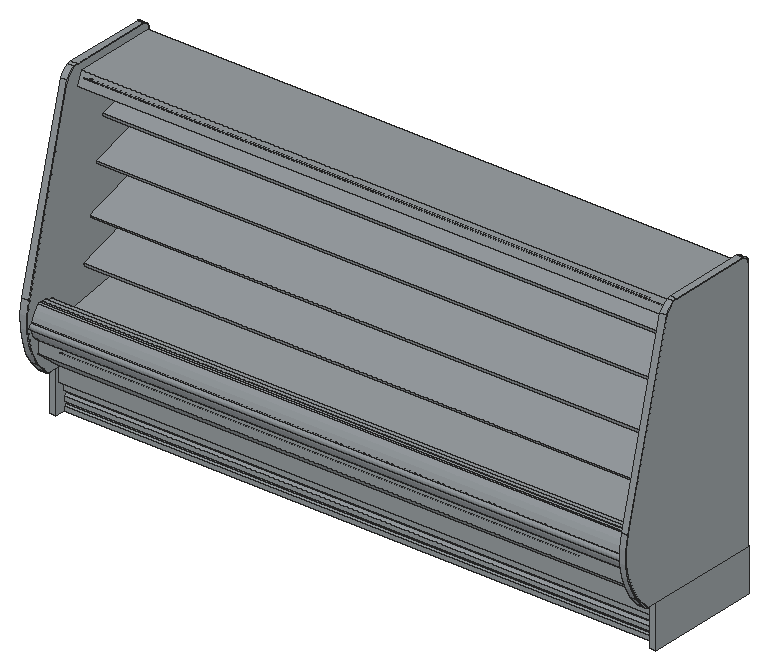
Revit family "ON5UM", category Mechanical Equipment, Revit 2019
Family settings
  Round Connector Dimension = Use Radius
  Part Type = Normal
  OmniClass Number = 23.40.40.11.17
  OmniClass Title = Refrigerated Cases
  Work Plane-Based = Yes
  Always vertical = Yes
  Cut with Voids When Loaded = No
  Shared = No
  Room Calculation Point = No
Parameters (values of type "12'")
  Width = 35 7/8"  # constant formula
  URL = "http://www.hillphoenix.com/?s=on5um"
  TOP REFRIGERATION PIPING = yes
  TOP ELECTRICAL = yes
  TOEKICK [instance] = BLACK PAINTED METAL
  Standard Power Watts = 35.7 W
  Standard Power Amps = 0.3 A
  STAINLESS STEEL = GALVANIZED STEEL
  Refgn = 8 5/8"
  RT STD END = yes
  REFRIGERATION PIPING = COPPER PIPE
  RUBBER BUMPER [instance] = BLACK
  REAR REFRIGERATION PIPING = yes
  PAINTED METAL UPPER SHELF = PAINTED SHELVES
  PAINTED METAL INTERIOR [instance] = GALVANIZED STEEL
  PAINTED METAL EXTERIOR [instance] = CHARCOAL BROWN
  Model = "ON5UM-NRG"  # constant formula
  Manufacturer = "HILL PHOENIX"  # constant formula
  Lights Per Row = 3
  Light Length = "48\""
  Length = 144"
  Legend Number = Model  # "ON5UM-NRG"
  LF STD END = yes
  Keynote = ""  # constant formula
  Item Description = Description  # "Narrow Multi-Deck Merchandiser with Synerg-E™"
  Island Timed-Off Termination Temp (°F) = 45 °F  # constant formula
  Island Timed-Off Fail-Safe (Min) = "45 (Min)"  # constant formula
  Island Superheat @ Bulb Set Point (°F) = "6-8 °F"  # constant formula
  Island Run-Off Time (Min) = "6-8 (Min)"  # constant formula
  Island Hot Gas Termination Temp (F°) = 45 °F  # constant formula
  Island Hot Gas Fail-Safe (Min) = "26 (Min)"  # constant formula
  Island High Efficiency Fans Watts = 52 W
  Island High Efficiency Fans Amps = 0.8 A
  Island Fans Per Case = 4
  Island Evaporator (°F) = 22 °F  # constant formula
  Island Electric Termination Temp (F°) = 47 °F  # constant formula
  Island Electric Fail-Safe = "40 (Min)"  # constant formula
  Island Discharge Air(°F) = 31 °F  # constant formula
  Island Discharge Air Velocity (FPM) = 240 FPM  # constant formula
  Island BTUH Parallel = 1093  # constant formula
  Island BTUH Conventional = 1179  # constant formula
  Island Anti-Condensate Heaters Watts = 46 W
  Island Anti-Condensate Heaters Amps = 0.38 A
  Island 240 Defrost Heaters Watts = 1600 W
  Island 240 Defrost Heaters Amps = 6.67 A
  Island 208V Defrost Heaters Watts = 1200 A
  Island 208V Defrost Heaters Amps = 5.77 A
  Island  Case Length = 144"
  How Many Defrosts Per Day = 3  # constant formula
  High Power (Cornice) Watts = 64.5 W
  High Power (Cornice) Amps = 0.54 A
  Height = 66 1/4"  # constant formula
  GLASS = Glass
  EQUIPMENT MARK = Legend Number  # "ON5UM-NRG"
  EQUIPMENT DESCRIPTION = Item Description  # "Narrow Multi-Deck Merchandiser with Synerg-E™"
  Description = "Narrow Multi-Deck Merchandiser with Synerg-E™"  # constant formula
  Default Elevation = 48"
  DRAIN PIPING = yes
  DESIGNERS NAME = "SHIDDRAMESH"  # constant formula
  DATE = "04/01/2016"  # constant formula
  Certifications = "NSF 7, UL471, CSA"  # constant formula
  DRAIN LINE = 72"
  BOTTOM REFRIGERATION PIPING = yes
  BOTTOM ELECTRICAL = yes
  BASE [instance] = BLACK PAINTED METAL
  Assembly Code = ""
  16" Shelf = yes
  14" Shelf = yes
  12" Shelf = yes
  10" Shelf = yes
Types (4): name | Standard Power Watts | Standard Power Amps | Refgn | Lights Per Row | Light Length | Length | Island High Efficiency Fans Watts | Island High Efficiency Fans Amps | Island Fans Per Case | Island Anti-Condensate Heaters Watts | Island Anti-Condensate Heaters Amps | Island 240 Defrost Heaters Watts | Island 240 Defrost Heaters Amps | Island 208V Defrost Heaters Watts | Island 208V Defrost Heaters Amps | Island  Case Length | High Power (Cornice) Watts | High Power (Cornice) Amps | DRAIN LINE
  04' | 11.9 W | 0.1 A | 7 5/8" | 1 | "48\"" | 48" | 28 W | 0.4 A | 2 | 17 W | 0.14 A | 532 W | 2.22 A | 400 A | 1.92 A | 48" | 21.5 W | 0.18 A | 24"
  06' | 16.6 W | 0.14 A | 8 5/8" | 2 | "36\"" | 72" | 28 W | 0.4 A | 2 | 24 W | 0.2 A | 798 W | 3.33 A | 600 A | 2.88 A | 72" | 29.8 W | 0.25 A | 36"
  08' | 23.8 W | 0.2 A | 8 5/8" | 2 | "48\"" | 96" | 42 W | 0.6 A | 3 | 30 W | 0.25 A | 1065 W | 4.44 A | 800 A | 3.85 A | 96" | 43 W | 0.36 A | 48"
  12' | 35.7 W | 0.3 A | 8 5/8" | 3 | "48\"" | 144" | 52 W | 0.8 A | 4 | 46 W | 0.38 A | 1600 W | 6.67 A | 1200 A | 5.77 A | 144" | 64.5 W | 0.54 A | 72"
Reference planes (in)
  plane 1: z = 0.01963
  plane 2 "LEFT": x = 0
  plane 3 "CASE RIGHT": x = 144
  plane 4: z = 0
  plane 5: y = -15.80744
  plane 6: x = 145.5
  plane 7: x = 72
  plane 8: y = -51.68244
  plane 9: x = 136.875
  plane 10: z = 22.875
  plane 11: through (-240, -38.71034, 70.23085) normal (0, 0.5736, 0.8192)
  plane 12: through (-240, -61.36661, 37.87435) normal (0, 0.5736, 0.8192)
  plane 13: z = 22.28269
Forms (in)
  Extrusion 1, solid, material "BLACK PAINTED METAL" <- "BASE"
    sketch origin (0, 0, 0) x (0, 1, 0) y (0, 0, 1)
      loop
        line (-15.80744, 0) -> (-15.80744, 11) -> (-40.18244, 11) -> (-40.18244, 0) -> (-38.29546, 0) -> (-38.29546, 1.81425) -> (-17.58744, 1.81425) -> (-17.58744, 0) -> (-15.80744, 0)
    from 0 to 144
  Extrusion 2, solid, material "CHARCOAL BROWN" <- "PAINTED METAL EXTERIOR"
    sketch origin (0, 0, 5.875) x (0, 1, 0) y (0, 0, 1)
      loop
        line (-17.80744, 65.10084) -> (-17.80744, 8.28468) -> (-35.87632, 7.6537) -> (-37.32152, 6.44605) -> (-37.37026, 6.44435) -> (-37.87066, 6.0536) -> (-40.24421, 5.97072) -> (-40.77065, 6.32561) -> (-40.81939, 6.32391) -> (-42.34318, 7.42625) -> (-42.58615, 7.41777) -> (-46.91613, 11.05105) -> (-46.91613, 15.37312) -> (-48.92433, 15.37312) -> (-48.92433, 10.07189) -> (-43.02886, 5.125) -> (-15.80744, 5.125) -> (-15.80744, 65.10084) -> (-17.80744, 65.10084)
    from 0 to 144
  Extrusion 3, solid, material "GALVANIZED STEEL" <- "PAINTED METAL INTERIOR"
    sketch origin (0, 0, 5.875) x (0, 1, 0) y (0, 0, 1)
      loop
        line (-17.80744, 16.47019) -> (-19.87458, 16.47019) -> (-19.87458, 18.52489)
        arc (-19.87458, 18.52489) -> (-20.0089, 18.18389) -> (-20.3397, 18.02611) r 0.5
        line (-20.3397, 18.02611) -> (-23.58275, 17.79933) -> (-23.6019, 18.07313) -> (-42.46883, 14.86147) -> (-44.75933, 14.86147) -> (-44.75933, 20.25298)
        arc (-44.75933, 20.25298) -> (-44.85072, 20.4736) -> (-45.07133, 20.56498) r 0.312
        line (-45.07133, 20.56498) -> (-46.77779, 20.56498) -> (-46.77779, 21.02144)
        arc (-46.77779, 21.02144) -> (-46.8144, 21.10983) -> (-46.90279, 21.14644) r 0.125
        line (-46.90279, 21.14644) -> (-47.73779, 21.14644) -> (-47.73779, 15.40325) -> (-46.91613, 15.40325) -> (-46.91613, 11.05105) -> (-42.58615, 7.41777) -> (-42.34318, 7.42625) -> (-40.81939, 6.32391) -> (-40.77065, 6.32561) -> (-40.24421, 5.97072) -> (-37.87066, 6.0536) -> (-37.37026, 6.44435) -> (-37.32152, 6.44605) -> (-35.87632, 7.6537) -> (-17.80744, 8.28468) -> (-17.80744, 16.47019)
    from 0 to 144
  Extrusion 4, solid, material "GALVANIZED STEEL" <- "PAINTED METAL INTERIOR"
    sketch origin (0, 0, 6.4375) x (0, 1, 0) y (0, 0, 1)
      loop
        line (-17.80744, 62.74204) -> (-19.87458, 62.74204) -> (-19.87458, 15.90769) -> (-17.80744, 15.90769) -> (-17.80744, 62.74204)
    from 0 to 144
  Extrusion 5, solid, material "CHARCOAL BROWN" <- "PAINTED METAL EXTERIOR", visible <- "TOP REFRIGERATION PIPING"
    sketch origin (0, 0.25, 5.875) x (1, 0, 0) y (0, 1, 0)
      loop
        line (140, -15.80744) -> (140, -12.80744) -> (129, -12.80744) -> (129, -15.80744) -> (129.125, -15.80744) -> (129.125, -12.93244) -> (139.875, -12.93244) -> (139.875, -15.80744) -> (140, -15.80744)
    from 20.57529 to 61.3019
  Extrusion 6, solid, material "GALVANIZED STEEL" <- "PAINTED METAL INTERIOR"
    sketch origin (0, -10.11353, -0.05412) x (0, 1, 0) y (0, 0, 1)
      loop
        line (-30.06891, 0.05412) -> (-30.06891, 11.05412) -> (-32.77196, 11.05412) -> (-32.77196, 7.23889) -> (-30.08446, 7.23889) -> (-30.24239, 6.73349)
        arc (-30.24239, 6.73349) -> (-30.55316, 6.24548) -> (-31.06756, 5.98067) r 1.10792
        line (-31.06756, 5.98067) -> (-31.06756, 4.6556) -> (-30.97364, 4.6556) -> (-30.09369, 4.8341) -> (-30.34859, 4.01842)
        arc (-30.34859, 4.01842) -> (-30.55086, 3.64915) -> (-30.88006, 3.38665) r 1.06887
        line (-30.88006, 3.38665) -> (-30.88006, 2.27293) -> (-30.78706, 2.27293) -> (-30.1903, 2.38689) -> (-30.44836, 1.57046)
        arc (-30.44836, 1.57046) -> (-30.58234, 1.29018) -> (-30.78845, 1.05774) r 1.11497
        line (-30.78845, 1.05774) -> (-30.78845, 0.05412) -> (-30.06891, 0.05412)
    from 0 to 144
  Extrusion 7, solid, material "CHARCOAL BROWN" <- "PAINTED METAL EXTERIOR"
    sketch origin (0, -14.13723, 5.82088) x (0, 1, 0) y (0, 0, 1)
      loop
        line (-33.60056, 21.20056) -> (-34.43556, 21.20056)
        arc (-34.43556, 21.20056) -> (-34.66362, 21.15746) -> (-34.86022, 21.03413) r 0.625
        arc (-34.86022, 21.03413) -> (-36.09525, 19.51822) -> (-36.86281, 17.71985) r 7
        arc (-36.86281, 17.71985) -> (-36.21092, 17.02708) -> (-36.88433, 16.35521) r 0.68269
        arc (-36.88433, 16.35521) -> (-36.46581, 15.01213) -> (-35.68972, 13.83879) r 5
        arc (-35.68972, 13.83879) -> (-35.60258, 13.78427) -> (-35.50157, 13.76522) r 0.2774
        line (-35.50157, 13.76522) -> (-34.7871, 13.76522) -> (-34.7871, 15.42724) -> (-33.60056, 15.42724) -> (-33.60056, 21.20056)
    from 0 to 144
  Extrusion 8, solid, material "GALVANIZED STEEL" <- "PAINTED METAL INTERIOR", visible <- "16" Shelf"
    sketch origin (0, 0, 23.37806) x (0, 1, 0) y (0, 0, 1)
      loop
        line (-19.87458, 10.97456) -> (-35.17546, 6.29661) -> (-34.97675, 5.64666) -> (-29.06549, 7.45391) -> (-28.88016, 7.23614) -> (-23.44344, 8.18063)
        arc (-23.44344, 8.18063) -> (-22.75154, 8.20354) -> (-22.07989, 8.03583) r 2.5
        line (-22.07989, 8.03583) -> (-21.2155, 7.68697)
        arc (-21.2155, 7.68697) -> (-20.97081, 7.62273) -> (-20.71783, 7.62194) r 1
        line (-20.71783, 7.62194) -> (-19.87458, 7.89551) -> (-19.87458, 10.97456)
    from 0 to 144
  Extrusion 9, solid, material "GALVANIZED STEEL" <- "PAINTED METAL INTERIOR", visible <- "10" Shelf"
    sketch origin (0, -0.13279, 9.4183) x (0, 1, 0) y (0, 0, 1)
      loop
        line (-19.74179, 50.10814) -> (-19.74179, 53.19798) -> (-29.30484, 50.27427) -> (-29.10613, 49.62432) -> (-26.96623, 50.27855) -> (-26.70902, 49.97633) -> (-23.31065, 50.40406)
        arc (-23.31065, 50.40406) -> (-22.61875, 50.42697) -> (-21.9471, 50.25926) r 2.5
        line (-21.9471, 50.25926) -> (-21.09387, 49.9149)
        arc (-21.09387, 49.9149) -> (-20.75455, 49.84284) -> (-20.41102, 49.89103) r 1
        line (-20.41102, 49.89103) -> (-19.74179, 50.10814)
    from 0 to 144
  Extrusion 10, void
    sketch origin (0, -15.80744, -12.05696) x (0, 0, 1) y (1, 0, 0)
      loop
        circle (24.5, 140) r 2
    from 0 to -1.78
  Extrusion 11, solid, material "CHARCOAL BROWN" <- "PAINTED METAL EXTERIOR", visible <- "LF STD END"
    sketch origin (17.5, 0, 5.875) x (0, 1, 0) y (0, 0, 1)
      loop
        line (-15.45824, 4.5) -> (-15.45824, 66.26353)
        arc (-15.45824, 66.26353) -> (-15.656, 66.99638) -> (-16.19558, 67.53027) r 1.45679
        arc (-16.19558, 67.53027) -> (-16.45028, 67.63419) -> (-16.72308, 67.66961) r 1.0681
        line (-16.72308, 67.66961) -> (-36.84798, 67.66961)
        arc (-36.84798, 67.66961) -> (-37.27261, 67.62333) -> (-37.6773, 67.48665) r 1.9711
        arc (-37.6773, 67.48665) -> (-38.90556, 66.75581) -> (-39.77293, 65.61983) r 3.7651
        line (-39.77293, 65.61983) -> (-51.4409, 23.04818)
        arc (-51.4409, 23.04818) -> (-51.78781, 15.10614) -> (-48.74606, 7.76148) r 18.36611
        arc (-48.74606, 7.76148) -> (-47.44773, 6.3049) -> (-46.0658, 4.92738) r 33.08804
        arc (-46.0658, 4.92738) -> (-45.73229, 4.73442) -> (-45.37071, 4.60129) r 2.24674
        line (-45.37071, 4.60129) -> (-45.37071, 4.5) -> (-15.45824, 4.5)
    from -17.5 to -19
  Extrusion 12, solid, material "GALVANIZED STEEL" <- "PAINTED METAL INTERIOR", visible <- "LF STD END"
    sketch origin (17.5, 0, 5.875) x (0, 1, 0) y (0, 0, 1)
      loop
        arc (-46.77263, 5.17394) -> (-46.14117, 4.62917) -> (-45.37071, 4.30995) r 2.62517
        line (-45.37071, 4.30995) -> (-45.37071, 4.60129)
        arc (-45.37071, 4.60129) -> (-45.73189, 4.73448) -> (-46.06503, 4.92737) r 2.24685
        arc (-46.06503, 4.92737) -> (-47.44923, 6.30726) -> (-48.74954, 7.76646) r 33.0878
        arc (-48.74954, 7.76646) -> (-51.78834, 15.10914) -> (-51.4409, 23.04818) r 18.36611
        line (-51.4409, 23.04818) -> (-39.77293, 65.61983)
        arc (-39.77293, 65.61983) -> (-38.90556, 66.75581) -> (-37.6773, 67.48665) r 3.7651
        arc (-37.6773, 67.48665) -> (-37.27261, 67.62333) -> (-36.84798, 67.66961) r 1.9711
        line (-36.84798, 67.66961) -> (-16.59798, 67.66961)
        arc (-16.59798, 67.66961) -> (-15.73367, 67.19612) -> (-15.30276, 66.30982) r 1.62265
        line (-15.30276, 66.30982) -> (-15.30276, 4.5) -> (-15.20824, 4.5) -> (-15.20824, 66.16186)
        arc (-15.20824, 66.16186) -> (-15.48651, 67.06851) -> (-16.15521, 67.74105) r 1.97576
        arc (-16.15521, 67.74105) -> (-16.46189, 67.87413) -> (-16.79309, 67.91961) r 1.22865
        line (-16.79309, 67.91961) -> (-36.84798, 67.91961)
        arc (-36.84798, 67.91961) -> (-37.32099, 67.86866) -> (-37.7723, 67.71814) r 2.2211
        arc (-37.7723, 67.71814) -> (-39.08936, 66.92679) -> (-40.01274, 65.69867) r 4.0151
        line (-40.01274, 65.69867) -> (-51.756, 22.85234)
        arc (-51.756, 22.85234) -> (-52.07853, 14.86699) -> (-48.86426, 7.55) r 17.74454
        line (-48.86426, 7.55) -> (-46.77263, 5.17394)
    from -17.5 to -19
  Extrusion 13, solid, material "GALVANIZED STEEL" <- "PAINTED METAL INTERIOR", visible <- "LF STD END"
    sketch origin (17.5, 0, 0) x (0, 1, 0) y (0, 0, 1)
      loop
        line (-43.30744, 10.375) -> (-43.30744, 0) -> (-15.20824, 0) -> (-15.20824, 10.375) -> (-43.30744, 10.375)
    from -17.5 to -19
  Extrusion 14, solid, material "GALVANIZED STEEL" <- "PAINTED METAL INTERIOR"
    sketch origin (0, 0, 5.87313) x (0, 1, 0) y (0, 0, 1)
      loop
        arc (-51.0083, 17.66793) -> (-51.66853, 16.9856) -> (-51.0083, 16.30328) r 0.68269
        arc (-51.0083, 16.30328) -> (-50.34807, 16.9856) -> (-51.0083, 17.66793) r 0.68269
    from 0 to 144
  Extrusion 15, solid, material "GALVANIZED STEEL" <- "PAINTED METAL INTERIOR", visible <- "12" Shelf"
    sketch origin (0, -0.13622, 37.17413) x (0, 1, 0) y (0, 0, 1)
      loop
        line (-19.73836, 16.5557) -> (-31.21401, 13.04724) -> (-31.01531, 12.39729) -> (-28.92926, 13.03506) -> (-28.74393, 12.81728) -> (-23.30721, 13.76177)
        arc (-23.30721, 13.76177) -> (-22.61532, 13.78468) -> (-21.94366, 13.61697) r 2.5
        line (-21.94366, 13.61697) -> (-21.10741, 13.27947)
        arc (-21.10741, 13.27947) -> (-20.76809, 13.2074) -> (-20.42456, 13.25559) r 1
        line (-20.42456, 13.25559) -> (-19.73836, 13.47821) -> (-19.73836, 16.5557)
    from 0 to 144
  Extrusion 16, solid, material "GALVANIZED STEEL" <- "PAINTED METAL INTERIOR", visible <- "RT STD END"
    sketch origin (132.5, 0, 0) x (0, 1, 0) y (0, 0, 1)
      loop
        line (-43.30744, 10.375) -> (-43.30744, 0) -> (-15.18244, 0) -> (-15.18244, 10.375) -> (-43.30744, 10.375)
    from 13 to 11.5
  Extrusion 17, solid, material "GALVANIZED STEEL" <- "PAINTED METAL INTERIOR", visible <- "14" Shelf"
    sketch origin (0, -0.13622, 26.90359) x (0, 1, 0) y (0, 0, 1)
      loop
        line (-19.73836, 16.5557) -> (-33.12662, 12.46249) -> (-32.92792, 11.81254) -> (-28.92926, 13.03506) -> (-28.74393, 12.81728) -> (-23.30721, 13.76177)
        arc (-23.30721, 13.76177) -> (-22.61532, 13.78468) -> (-21.94366, 13.61697) r 2.5
        line (-21.94366, 13.61697) -> (-21.10741, 13.27947)
        arc (-21.10741, 13.27947) -> (-20.76809, 13.2074) -> (-20.42456, 13.25559) r 1
        line (-20.42456, 13.25559) -> (-19.73836, 13.47821) -> (-19.73836, 16.5557)
    from 0 to 144
  Extrusion 18, solid
    sketch origin (0, -37.00242, 26.63466) x (0, 0.920505, -0.390731) y (0, 0.390731, 0.920505)
      loop
        circle (-12.89677, 40.86917) r 0.5
      loop
        circle (-14.74404, 40.92642) r 0.5
    from 0 to 144
  Extrusion 19, solid, material "CHARCOAL BROWN" <- "PAINTED METAL EXTERIOR"
    sketch origin (0, -0.00237, 28.61713) x (0, 1, 0) y (0, 0, 1)
      loop
        line (-37.01862, 40.43083) -> (-36.66035, 40.17996) -> (-35.69456, 42.48992) -> (-31.10031, 40.94778) -> (-31.07074, 41.01119) -> (-31.14581, 41.04281) -> (-30.75769, 41.96441) -> (-27.07126, 40.41192) -> (-27.45939, 39.49031) -> (-27.65653, 39.57334) -> (-27.67763, 39.51791) -> (-27.31406, 39.36479) -> (-26.96109, 40.22807) -> (-19.87221, 40.22807) -> (-19.87221, 40.56242) -> (-17.80376, 40.56242) -> (-17.80376, 42.35872) -> (-15.80506, 42.35872) -> (-15.80506, 43.3824) -> (-35.80676, 43.3824) -> (-37.01862, 40.43083)
    from 0 to 144
  Extrusion 20, solid, material "GALVANIZED STEEL" <- "PAINTED METAL INTERIOR", visible <- "LF STD END"
    sketch origin (70, 0, 5.875) x (0, 1, 0) y (0, 0, 1)
      loop
        line (-15.20824, 4.5) -> (-15.20824, 66.26353)
        arc (-15.20824, 66.26353) -> (-15.43994, 67.12215) -> (-16.07212, 67.74765) r 1.70679
        arc (-16.07212, 67.74765) -> (-16.38643, 67.87589) -> (-16.72308, 67.91961) r 1.3181
        line (-16.72308, 67.91961) -> (-36.84798, 67.91961)
        arc (-36.84798, 67.91961) -> (-37.32099, 67.86866) -> (-37.7723, 67.71814) r 2.2211
        arc (-37.7723, 67.71814) -> (-39.08936, 66.92679) -> (-40.01274, 65.69867) r 4.0151
        line (-40.01274, 65.69867) -> (-51.756, 22.85234)
        arc (-51.756, 22.85234) -> (-52.07853, 14.86699) -> (-48.86426, 7.55) r 17.74454
        line (-48.86426, 7.55) -> (-46.77348, 5.17382)
        arc (-46.77348, 5.17382) -> (-46.14306, 4.62987) -> (-45.37399, 4.31073) r 2.62497
        line (-45.37399, 4.31073) -> (-45.37399, 4.60219)
        arc (-45.37399, 4.60219) -> (-45.73383, 4.73515) -> (-46.0658, 4.92738) r 2.24674
        arc (-46.0658, 4.92738) -> (-47.44773, 6.3049) -> (-48.74606, 7.76148) r 33.08804
        arc (-48.74606, 7.76148) -> (-51.78781, 15.10614) -> (-51.4409, 23.04818) r 18.36611
        line (-51.4409, 23.04818) -> (-39.77293, 65.61983)
        arc (-39.77293, 65.61983) -> (-38.90556, 66.75581) -> (-37.6773, 67.48665) r 3.7651
        arc (-37.6773, 67.48665) -> (-37.27261, 67.62333) -> (-36.84798, 67.66961) r 1.9711
        line (-36.84798, 67.66961) -> (-16.72308, 67.66961)
        arc (-16.72308, 67.66961) -> (-16.45028, 67.63419) -> (-16.19558, 67.53027) r 1.0681
        arc (-16.19558, 67.53027) -> (-15.656, 66.99638) -> (-15.45824, 66.26353) r 1.45679
        line (-15.45824, 66.26353) -> (-15.45824, 4.5) -> (-15.20824, 4.5)
    from 75.5 to 74
  Extrusion 21, solid, material "CHARCOAL BROWN" <- "PAINTED METAL EXTERIOR", visible <- "LF STD END"
    sketch origin (79.25, 0, 5.875) x (0, 1, 0) y (0, 0, 1)
      loop
        line (-15.45824, 4.5) -> (-15.45824, 66.26353)
        arc (-15.45824, 66.26353) -> (-15.656, 66.99638) -> (-16.19558, 67.53027) r 1.45679
        arc (-16.19558, 67.53027) -> (-16.45028, 67.63419) -> (-16.72308, 67.66961) r 1.0681
        line (-16.72308, 67.66961) -> (-36.84798, 67.66961)
        arc (-36.84798, 67.66961) -> (-37.27261, 67.62333) -> (-37.6773, 67.48665) r 1.9711
        arc (-37.6773, 67.48665) -> (-38.90556, 66.75581) -> (-39.77293, 65.61983) r 3.7651
        line (-39.77293, 65.61983) -> (-51.4409, 23.04818)
        arc (-51.4409, 23.04818) -> (-51.78781, 15.10614) -> (-48.74606, 7.76148) r 18.36611
        arc (-48.74606, 7.76148) -> (-47.44773, 6.3049) -> (-46.0658, 4.92738) r 33.08804
        arc (-46.0658, 4.92738) -> (-45.73229, 4.73442) -> (-45.37071, 4.60129) r 2.24674
        line (-45.37071, 4.60129) -> (-45.37071, 4.5) -> (-15.45824, 4.5)
    from 66.25 to 64.75
  Extrusion 22, solid
    sketch origin (0, -34.26178, 25.41445) x (0, 0.920505, -0.390731) y (0, 0.390731, 0.920505)
      loop
        line (-14.40598, 41.907) -> (-10.40599, 41.91832) -> (-10.40882, 42.91831) -> (-14.40881, 42.907) -> (-14.40598, 41.907)
    from 0 to 144
Cuts and joins
  Extrusion 10 cuts Extrusion 2
  Extrusion 10 cuts Extrusion 5
Dimensions and locks (in)
  "Length": plane 2 "LEFT" to plane 3 "CASE RIGHT"
  "DRAIN LINE": plane 2 "LEFT" to plane 7
  locked: plane 3 "CASE RIGHT" to plane 6 at 1.5
  "Width": plane 5 to plane 8
  "Refgn": plane 9 to plane 6
  locked: plane 3 "CASE RIGHT" to Extrusion 10 sketch curve at 4
  locked: Extrusion 21 to Extrusion 21 at 1.5
  Extrusion 13 to Extrusion 7 = 27.02144"
  Extrusion 4 to Extrusion 3 = 24.88475"
  Extrusion 13 to cut or joined group of Extrusion 2, Extrusion 10 = 11"
  Extrusion 1 to Extrusion 6 = 25.09454"
  Extrusion 1 to Extrusion 6 = 24 3/8"
  plane 10 to level = 22 7/8"
  Extrusion 13 to Extrusion 19 = 71.99953"
  plane 13 to Extrusion 19 = 46 9/16"
  Extrusion 19 to Extrusion 19 = 20.00169"
  Extrusion 8 to Extrusion 8 = 16"
  Extrusion 17 to Extrusion 17 = 14"
  Extrusion 15 to Extrusion 15 = 12"
  Extrusion 9 to Extrusion 9 = 10"
  plane 11 to plane 12 = 39 1/2"
  aligned and locked: plane 3 "CASE RIGHT" to Extrusion 4
  aligned and locked: plane 3 "CASE RIGHT" to Extrusion 3
  aligned and locked: plane 3 "CASE RIGHT" to Extrusion 2
  aligned and locked: plane 3 "CASE RIGHT" to Extrusion 1
  aligned and locked: Extrusion 7 to Extrusion 6
  aligned and locked: plane 3 "CASE RIGHT" to Extrusion 7
  aligned and locked: plane 3 "CASE RIGHT" to Extrusion 8
  aligned and locked: plane 3 "CASE RIGHT" to Extrusion 9
  aligned and locked: plane 3 "CASE RIGHT" to Extrusion 14
  aligned and locked: Extrusion 16 to plane 3 "CASE RIGHT"
  aligned and locked: plane 6 to Extrusion 16
  aligned and locked: plane 3 "CASE RIGHT" to Extrusion 15
  aligned and locked: plane 3 "CASE RIGHT" to Extrusion 17
  aligned and locked: Extrusion 20 to plane 6
  aligned and locked: Extrusion 20 to plane 3 "CASE RIGHT"
  aligned and locked: Extrusion 21 to plane 3 "CASE RIGHT"
  aligned and locked: plane 3 "CASE RIGHT" to Extrusion 19
  aligned and locked: Extrusion 18 to Extrusion 20
  aligned and locked: Extrusion 11 to Extrusion 13 sketch curve
  aligned and locked: plane 3 "CASE RIGHT" to Extrusion 22
Automatic sketch dimensions
  Extrusion 1 sketch curve to level = 0"  (x4)
  Extrusion 1 sketch curve to plane 5 = 0"
  plane 5 to Extrusion 1 sketch curve = 1.78"
  plane 1 to Extrusion 1 sketch curve = 1.79462"
  Extrusion 1 sketch curve to plane 8 = 13.38698"
  Extrusion 1 sketch curve to Extrusion 1 sketch curve = 1.88698"
  Extrusion 1 sketch curve to Extrusion 1 sketch curve = 9.18575"
  Extrusion 2 sketch curve to plane 5 = 0"
  plane 5 to Extrusion 2 sketch curve = 2"
  Extrusion 2 sketch curve to plane 8 = 15.80611"
  Extrusion 2 sketch curve to Extrusion 2 sketch curve = 1.4452"
  Extrusion 2 sketch curve to Extrusion 2 sketch curve = 0.04874"  (x2)
  Extrusion 2 sketch curve to Extrusion 2 sketch curve = 0.5004"
  Extrusion 2 sketch curve to Extrusion 2 sketch curve = 2.37355"
  Extrusion 2 sketch curve to Extrusion 2 sketch curve = 0.52644"
  Extrusion 2 sketch curve to Extrusion 2 sketch curve = 1.52379"
  Extrusion 2 sketch curve to Extrusion 2 sketch curve = 0.24297"
  Extrusion 2 sketch curve to Extrusion 2 sketch curve = 0.4427"
  Extrusion 2 sketch curve to plane 8 = 4.76631"
  Extrusion 2 sketch curve to Extrusion 2 sketch curve = 2.0082"
  plane 1 to Extrusion 2 sketch curve = 10.98037"
  Extrusion 2 sketch curve to Extrusion 2 sketch curve = 0.84572"
  Extrusion 2 sketch curve to Extrusion 2 sketch curve = 0.08289"
  Extrusion 2 sketch curve to Extrusion 2 sketch curve = 0.35319"
  Extrusion 2 sketch curve to Extrusion 2 sketch curve = 0.0017"  (x2)
  Extrusion 2 sketch curve to Extrusion 2 sketch curve = 0.39075"
  Extrusion 2 sketch curve to Extrusion 2 sketch curve = 1.09386"
  Extrusion 2 sketch curve to Extrusion 2 sketch curve = 0.00848"
  Extrusion 2 sketch curve to Extrusion 2 sketch curve = 1.20764"
  Extrusion 2 sketch curve to Extrusion 2 sketch curve = 3.15968"
  Extrusion 2 sketch curve to Extrusion 2 sketch curve = 2.65412"
  Extrusion 2 sketch curve to Extrusion 2 sketch curve = 0.97916"
  Extrusion 2 sketch curve to Extrusion 2 sketch curve = 4.32207"
  Extrusion 3 sketch curve to plane 8 = 4.90464"
  Extrusion 3 sketch curve to Extrusion 3 sketch curve = 1.70646"
  Extrusion 3 sketch curve to Extrusion 3 sketch curve = 2.15679"
  Extrusion 3 sketch curve to Extrusion 3 sketch curve = 4.32997"
  Extrusion 3 sketch curve to Extrusion 3 sketch curve = 2.2905"
  Extrusion 3 sketch curve to Extrusion 3 sketch curve = 0.24297"
  Extrusion 3 sketch curve to Extrusion 3 sketch curve = 1.52379"
  Extrusion 3 sketch curve to Extrusion 3 sketch curve = 0.04874"  (x2)
  Extrusion 3 sketch curve to Extrusion 3 sketch curve = 0.52644"
  Extrusion 3 sketch curve to Extrusion 3 sketch curve = 2.37355"
  Extrusion 3 sketch curve to Extrusion 3 sketch curve = 0.5004"
  Extrusion 3 sketch curve to Extrusion 3 sketch curve = 1.4452"
  plane 5 to Extrusion 3 sketch curve = 7.79446"
  Extrusion 3 sketch curve to Extrusion 3 sketch curve = 0.01915"
  Extrusion 3 sketch curve to Extrusion 3 sketch curve = 3.22732"
  Extrusion 3 sketch curve to Extrusion 3 sketch curve = 0.03488"
  Extrusion 3 sketch curve to Extrusion 3 sketch curve = 0.46512"
  plane 5 to Extrusion 3 sketch curve = 2"
  plane 1 to Extrusion 3 sketch curve = 11.82609"
  Extrusion 3 sketch curve to Extrusion 3 sketch curve = 0.08289"
  Extrusion 3 sketch curve to Extrusion 3 sketch curve = 0.35319"
  Extrusion 3 sketch curve to Extrusion 3 sketch curve = 0.0017"  (x2)
  Extrusion 3 sketch curve to Extrusion 3 sketch curve = 0.39075"
  Extrusion 3 sketch curve to Extrusion 3 sketch curve = 1.09386"
  Extrusion 3 sketch curve to Extrusion 3 sketch curve = 0.00848"
  Extrusion 3 sketch curve to Extrusion 3 sketch curve = 1.20764"
  plane 1 to Extrusion 3 sketch curve = 14.14005"
  Extrusion 3 sketch curve to Extrusion 3 sketch curve = 3.63328"
  Extrusion 3 sketch curve to Extrusion 3 sketch curve = 3.81042"
  Extrusion 3 sketch curve to Extrusion 3 sketch curve = 8.18552"
  Extrusion 3 sketch curve to Extrusion 3 sketch curve = 1.32914"
  Extrusion 3 sketch curve to Extrusion 3 sketch curve = 1.55592"
  Extrusion 3 sketch curve to Extrusion 3 sketch curve = 0.49878"
  Extrusion 3 sketch curve to Extrusion 3 sketch curve = 4.84973"
  Extrusion 3 sketch curve to Extrusion 3 sketch curve = 0"  (x2)
  plane 5 to Extrusion 4 sketch curve = 4.06714"
  plane 5 to Extrusion 4 sketch curve = 2"
  plane 1 to Extrusion 4 sketch curve = 22.32556"
  Extrusion 5 sketch curve to plane 5 = 1/4"  (x2)
  Extrusion 5 sketch curve to plane 9 = 7 7/8"
  Extrusion 5 sketch curve to Extrusion 5 sketch curve = 1/8"  (x3)
  plane 9 to Extrusion 5 sketch curve = 3"
  Extrusion 5 sketch curve to Extrusion 5 sketch curve = 2 7/8"
  Extrusion 6 sketch curve to level = 0"
  Extrusion 6 sketch curve to plane 8 = 8.79695"
  plane 1 to Extrusion 6 sketch curve = 1.83274"
  Extrusion 6 sketch curve to Extrusion 6 sketch curve = 1.26047"
  Extrusion 6 sketch curve to Extrusion 6 sketch curve = 0.14268"
  Extrusion 6 sketch curve to Extrusion 6 sketch curve = 1.47208"
  Extrusion 6 sketch curve to Extrusion 6 sketch curve = 0.23232"
  Extrusion 6 sketch curve to Extrusion 6 sketch curve = 0.09392"
  Extrusion 6 sketch curve to Extrusion 6 sketch curve = 0.48874"
  Extrusion 6 sketch curve to Extrusion 6 sketch curve = 0.72304"
  plane 1 to Extrusion 6 sketch curve = 2.19919"
  Extrusion 6 sketch curve to Extrusion 6 sketch curve = 0.093"
  plane 1 to Extrusion 6 sketch curve = 1.49671"
  Extrusion 6 sketch curve to Extrusion 6 sketch curve = 0.34009"
  plane 1 to Extrusion 6 sketch curve = 3.94468"
  Extrusion 6 sketch curve to Extrusion 6 sketch curve = 0.53147"
  plane 1 to Extrusion 6 sketch curve = 6.65974"
  Extrusion 6 sketch curve to Extrusion 6 sketch curve = 1.05749"
  plane 1 to Extrusion 6 sketch curve = 2.31314"
  Extrusion 6 sketch curve to Extrusion 6 sketch curve = 0.59676"
  plane 1 to Extrusion 6 sketch curve = 4.76035"
  Extrusion 6 sketch curve to Extrusion 6 sketch curve = 0.2549"
  Extrusion 6 sketch curve to Extrusion 6 sketch curve = 0.15794"
  Extrusion 6 sketch curve to Extrusion 6 sketch curve = 2.70305"
  Extrusion 6 sketch curve to Extrusion 6 sketch curve = 0.63177"
  Extrusion 6 sketch curve to Extrusion 6 sketch curve = 0.31836"
  Extrusion 6 sketch curve to Extrusion 6 sketch curve = 0.75283"
  Extrusion 6 sketch curve to Extrusion 6 sketch curve = 0.5054"
  Extrusion 6 sketch curve to Extrusion 6 sketch curve = 3.81522"
  Extrusion 7 sketch curve to plane 8 = 2.04364"
  Extrusion 7 sketch curve to Extrusion 7 sketch curve = 0.71447"
  Extrusion 7 sketch curve to plane 8 = 3.10964"
  Extrusion 7 sketch curve to Extrusion 7 sketch curve = 1.65162"
  Extrusion 7 sketch curve to Extrusion 7 sketch curve = 1.84493"
  plane 1 to Extrusion 7 sketch curve = 19.56647"
  Extrusion 7 sketch curve to Extrusion 7 sketch curve = 0.2774"
  Extrusion 7 sketch curve to Extrusion 7 sketch curve = 1.38461"
  Extrusion 7 sketch curve to Extrusion 7 sketch curve = 0.4709"
  Extrusion 7 sketch curve to Extrusion 7 sketch curve = 1.72916"
  Extrusion 7 sketch curve to Extrusion 7 sketch curve = 0.18815"
  Extrusion 8 sketch curve to plane 8 = 16.50698"
  Extrusion 8 sketch curve to Extrusion 8 sketch curve = 0.19871"
  Extrusion 8 sketch curve to Extrusion 8 sketch curve = 5.91126"
  Extrusion 8 sketch curve to Extrusion 8 sketch curve = 0.18533"
  Extrusion 8 sketch curve to Extrusion 8 sketch curve = 5.43672"
  Extrusion 8 sketch curve to Extrusion 8 sketch curve = 0.4279"
  Extrusion 8 sketch curve to Extrusion 8 sketch curve = 1.36355"
  Extrusion 8 sketch curve to Extrusion 8 sketch curve = 0.86438"
  Extrusion 8 sketch curve to Extrusion 8 sketch curve = 0.37426"
  Extrusion 8 sketch curve to Extrusion 8 sketch curve = 0.49767"
  Extrusion 8 sketch curve to Extrusion 8 sketch curve = 0.84325"
  level to Extrusion 8 sketch curve = 29.02472"
  Extrusion 8 sketch curve to Extrusion 8 sketch curve = 0.07086"
  Extrusion 8 sketch curve to Extrusion 8 sketch curve = 0.64995"
  Extrusion 8 sketch curve to Extrusion 8 sketch curve = 0.21777"
  Extrusion 8 sketch curve to Extrusion 8 sketch curve = 1.90442"
  Extrusion 8 sketch curve to Extrusion 8 sketch curve = 0.06503"
  Extrusion 8 sketch curve to Extrusion 8 sketch curve = 0.27357"
  Extrusion 8 sketch curve to Extrusion 8 sketch curve = 0.34886"
  plane 5 to Extrusion 9 sketch curve = 13.63019"
  Extrusion 9 sketch curve to Extrusion 9 sketch curve = 0.19871"
  Extrusion 9 sketch curve to Extrusion 9 sketch curve = 2.13991"
  Extrusion 9 sketch curve to Extrusion 9 sketch curve = 0.25721"
  Extrusion 9 sketch curve to Extrusion 9 sketch curve = 3.39837"
  Extrusion 9 sketch curve to Extrusion 9 sketch curve = 0.4279"
  Extrusion 9 sketch curve to Extrusion 9 sketch curve = 1.36355"
  Extrusion 9 sketch curve to Extrusion 9 sketch curve = 0.85323"
  Extrusion 9 sketch curve to Extrusion 9 sketch curve = 0.37426"
  Extrusion 9 sketch curve to Extrusion 9 sketch curve = 0.68285"
  Extrusion 9 sketch curve to Extrusion 9 sketch curve = 0.66923"
  Extrusion 9 sketch curve to Extrusion 9 sketch curve = 1.68337"
  Extrusion 9 sketch curve to Extrusion 9 sketch curve = 1.95008"
  Extrusion 9 sketch curve to Extrusion 9 sketch curve = 0.02387"
  Extrusion 9 sketch curve to Extrusion 9 sketch curve = 0.35201"
  Extrusion 9 sketch curve to Extrusion 9 sketch curve = 0.21711"
  Extrusion 9 sketch curve to Extrusion 9 sketch curve = 0.64995"
  Extrusion 9 sketch curve to Extrusion 9 sketch curve = 0.34436"
  plane 1 to Extrusion 10 sketch curve = 12.42341"
  Extrusion 11 sketch curve to plane 8 = 0.24153"
  Extrusion 11 sketch curve to plane 8 = 6.31173"
  Extrusion 11 sketch curve to Extrusion 11 sketch curve = 0.59265"
  Extrusion 11 sketch curve to plane 8 = 11.90951"
  Extrusion 11 sketch curve to Extrusion 11 sketch curve = 2.92496"
  Extrusion 11 sketch curve to Extrusion 11 sketch curve = 0.44683"
  Extrusion 11 sketch curve to Extrusion 11 sketch curve = 11.07746"
  plane 5 to Extrusion 11 sketch curve = 7.60012"
  plane 5 to Extrusion 11 sketch curve = 1.10759"
  plane 5 to Extrusion 11 sketch curve = 0.91564"
  Extrusion 11 sketch curve to plane 5 = 0.34919"
  Extrusion 11 sketch curve to Extrusion 11 sketch curve = 5.99191"
  Extrusion 11 sketch curve to Extrusion 11 sketch curve = 10.74541"
  plane 1 to Extrusion 11 sketch curve = 12.62383"
  Extrusion 11 sketch curve to Extrusion 11 sketch curve = 2.16716"
  plane 1 to Extrusion 11 sketch curve = 10.35537"
  Extrusion 11 sketch curve to Extrusion 11 sketch curve = 1.75408"
  Extrusion 11 sketch curve to Extrusion 11 sketch curve = 0.33798"
  Extrusion 11 sketch curve to Extrusion 11 sketch curve = 1.9711"
  Extrusion 11 sketch curve to plane 8 = 2.93638"
  Extrusion 12 sketch curve to Extrusion 12 sketch curve = 0"  (x6)
  plane 8 to Extrusion 12 sketch curve = 0.07356"
  Extrusion 12 sketch curve to plane 8 = 0.24153"
  Extrusion 12 sketch curve to plane 8 = 2.81818"
  Extrusion 12 sketch curve to Extrusion 12 sketch curve = 2.09163"
  Extrusion 12 sketch curve to Extrusion 12 sketch curve = 1.40193"
  Extrusion 12 sketch curve to Extrusion 12 sketch curve = 0.59394"
  Extrusion 12 sketch curve to Extrusion 12 sketch curve = 0.01291"
  Extrusion 12 sketch curve to plane 8 = 11.6697"
  Extrusion 12 sketch curve to Extrusion 12 sketch curve = 0.23981"
  Extrusion 12 sketch curve to Extrusion 12 sketch curve = 2.92496"
  Extrusion 12 sketch curve to Extrusion 12 sketch curve = 0.44683"
  Extrusion 12 sketch curve to Extrusion 12 sketch curve = 10.12127"
  Extrusion 12 sketch curve to Extrusion 12 sketch curve = 0.94199"
  plane 5 to Extrusion 12 sketch curve = 7.59985"
  plane 5 to Extrusion 12 sketch curve = 1.37353"
  Extrusion 12 sketch curve to Extrusion 12 sketch curve = 0.27235"
  plane 5 to Extrusion 12 sketch curve = 0.98565"
  Extrusion 12 sketch curve to Extrusion 12 sketch curve = 0.19511"
  Extrusion 12 sketch curve to plane 5 = 0.50467"
  Extrusion 12 sketch curve to Extrusion 12 sketch curve = 0.09452"
  Extrusion 12 sketch curve to Extrusion 12 sketch curve = 0.00017"
  Extrusion 12 sketch curve to Extrusion 12 sketch curve = 0.07884"
  Extrusion 12 sketch curve to Extrusion 12 sketch curve = 1.75408"
  Extrusion 12 sketch curve to Extrusion 12 sketch curve = 5.99203"
  Extrusion 12 sketch curve to Extrusion 12 sketch curve = 0.19585"
  Extrusion 12 sketch curve to Extrusion 12 sketch curve = 10.74553"
  Extrusion 12 sketch curve to Extrusion 12 sketch curve = 0.13276"
  Extrusion 12 sketch curve to Extrusion 12 sketch curve = 0.68599"
  Extrusion 12 sketch curve to Extrusion 12 sketch curve = 0.09579"
  Extrusion 12 sketch curve to Extrusion 12 sketch curve = 1.59428"
  Extrusion 12 sketch curve to Extrusion 12 sketch curve = 0.29135"
  plane 1 to Extrusion 12 sketch curve = 10.35537"
  Extrusion 12 sketch curve to Extrusion 12 sketch curve = 0.02455"
  Extrusion 12 sketch curve to Extrusion 12 sketch curve = 0.08489"
  Extrusion 12 sketch curve to Extrusion 12 sketch curve = 0.14796"
  Extrusion 12 sketch curve to Extrusion 12 sketch curve = 0.61398"
  Extrusion 12 sketch curve to Extrusion 12 sketch curve = 1/4"
  Extrusion 12 sketch curve to Extrusion 12 sketch curve = 0.11472"
  Extrusion 13 sketch curve to level = 0"
  Extrusion 13 sketch curve to plane 8 = 8 3/8"
  Extrusion 13 sketch curve to plane 5 = 0.59919"
  Extrusion 14 sketch curve to plane 8 = 0.65167"
  Extrusion 14 sketch curve to Extrusion 14 sketch curve = 0.04493"
  plane 1 to Extrusion 14 sketch curve = 22.8391"
  Extrusion 14 sketch curve to Extrusion 14 sketch curve = 0"
  Extrusion 14 sketch curve to plane 8 = 0.67414"
  Extrusion 14 sketch curve to Extrusion 14 sketch curve = 0.68233"
  plane 5 to Extrusion 15 sketch curve = 15.5428"
  Extrusion 15 sketch curve to Extrusion 15 sketch curve = 0.19871"
  Extrusion 15 sketch curve to Extrusion 15 sketch curve = 2.08604"
  Extrusion 15 sketch curve to Extrusion 15 sketch curve = 0.18533"
  Extrusion 15 sketch curve to Extrusion 15 sketch curve = 5.43672"
  Extrusion 15 sketch curve to Extrusion 15 sketch curve = 0.4279"
  Extrusion 15 sketch curve to Extrusion 15 sketch curve = 1.36355"
  Extrusion 15 sketch curve to Extrusion 15 sketch curve = 0.83626"
  Extrusion 15 sketch curve to Extrusion 15 sketch curve = 0.37426"
  Extrusion 15 sketch curve to Extrusion 15 sketch curve = 0.68285"
  Extrusion 15 sketch curve to Extrusion 15 sketch curve = 0.99479"
  Extrusion 15 sketch curve to Extrusion 15 sketch curve = 1.09863"
  Extrusion 15 sketch curve to Extrusion 15 sketch curve = 0.42"
  Extrusion 15 sketch curve to Extrusion 15 sketch curve = 0.64995"
  Extrusion 15 sketch curve to Extrusion 15 sketch curve = 1.95693"
  Extrusion 15 sketch curve to Extrusion 15 sketch curve = 0.02387"
  Extrusion 15 sketch curve to Extrusion 15 sketch curve = 0.22262"
  Extrusion 15 sketch curve to Extrusion 15 sketch curve = 0.33751"
  Extrusion 16 sketch curve to level = 0"
  Extrusion 16 sketch curve to plane 8 = 8 3/8"
  Extrusion 16 sketch curve to plane 5 = 5/8"
  plane 1 to Extrusion 16 sketch curve = 10.35537"
  plane 5 to Extrusion 17 sketch curve = 17.45541"
  Extrusion 17 sketch curve to Extrusion 17 sketch curve = 0.19871"
  Extrusion 17 sketch curve to Extrusion 17 sketch curve = 3.99865"
  Extrusion 17 sketch curve to Extrusion 17 sketch curve = 0.18533"
  Extrusion 17 sketch curve to Extrusion 17 sketch curve = 5.43672"
  Extrusion 17 sketch curve to Extrusion 17 sketch curve = 0.4279"
  Extrusion 17 sketch curve to Extrusion 17 sketch curve = 1.36355"
  Extrusion 17 sketch curve to Extrusion 17 sketch curve = 0.83626"
  Extrusion 17 sketch curve to Extrusion 17 sketch curve = 0.37426"
  Extrusion 17 sketch curve to Extrusion 17 sketch curve = 0.68285"
  Extrusion 17 sketch curve to Extrusion 17 sketch curve = 0.99479"
  Extrusion 17 sketch curve to Extrusion 17 sketch curve = 0.51388"
  Extrusion 17 sketch curve to Extrusion 17 sketch curve = 0.64995"
  Extrusion 17 sketch curve to Extrusion 17 sketch curve = 0.21777"
  Extrusion 17 sketch curve to Extrusion 17 sketch curve = 1.95693"
  Extrusion 17 sketch curve to Extrusion 17 sketch curve = 0.02387"
  Extrusion 17 sketch curve to Extrusion 17 sketch curve = 0.22262"
  Extrusion 17 sketch curve to Extrusion 17 sketch curve = 0.33751"
  Extrusion 18 sketch curve to Extrusion 18 sketch curve = 0"  (x6)
  Extrusion 18 sketch curve to plane 8 = 17.09928"
  Extrusion 18 sketch curve to Extrusion 18 sketch curve = 1.84728"
  Extrusion 18 sketch curve to Extrusion 18 sketch curve = 0.05725"
  Extrusion 18 sketch curve to Extrusion 18 sketch curve = 0.46025"  (x4)
  Extrusion 18 sketch curve to Extrusion 18 sketch curve = 0.19537"  (x2)
  Extrusion 19 sketch curve to plane 5 = 0"
  plane 5 to Extrusion 19 sketch curve = 1.9987"
  Extrusion 19 sketch curve to Extrusion 19 sketch curve = 2.06844"
  Extrusion 19 sketch curve to Extrusion 19 sketch curve = 7.08888"
  Extrusion 19 sketch curve to Extrusion 19 sketch curve = 0.11017"
  Extrusion 19 sketch curve to Extrusion 19 sketch curve = 0.35297"
  Extrusion 19 sketch curve to Extrusion 19 sketch curve = 0.14533"
  Extrusion 19 sketch curve to Extrusion 19 sketch curve = 0.19715"
  Extrusion 19 sketch curve to Extrusion 19 sketch curve = 0.02109"
  Extrusion 19 sketch curve to Extrusion 19 sketch curve = 3.10115"
  Extrusion 19 sketch curve to Extrusion 19 sketch curve = 0.31305"
  Extrusion 19 sketch curve to Extrusion 19 sketch curve = 0.02957"
  Extrusion 19 sketch curve to Extrusion 19 sketch curve = 4.54875"
  Extrusion 19 sketch curve to Extrusion 19 sketch curve = 0.11219"
  Extrusion 19 sketch curve to Extrusion 19 sketch curve = 0.96578"
  Extrusion 19 sketch curve to Extrusion 19 sketch curve = 0.35827"
  Extrusion 19 sketch curve to Extrusion 19 sketch curve = 0.33435"
  Extrusion 19 sketch curve to Extrusion 19 sketch curve = 1.7963"
  Extrusion 19 sketch curve to Extrusion 19 sketch curve = 1.02369"
  Extrusion 20 sketch curve to Extrusion 20 sketch curve = 0"  (x12)
  plane 8 to Extrusion 20 sketch curve = 0.07356"
  Extrusion 20 sketch curve to plane 8 = 0.24153"
  Extrusion 20 sketch curve to plane 8 = 2.81818"
  Extrusion 20 sketch curve to Extrusion 20 sketch curve = 2.09078"
  Extrusion 20 sketch curve to Extrusion 20 sketch curve = 1.39949"
  Extrusion 20 sketch curve to Extrusion 20 sketch curve = 0.59593"
  Extrusion 20 sketch curve to Extrusion 20 sketch curve = 0.0129"
  Extrusion 20 sketch curve to plane 8 = 11.6697"
  Extrusion 20 sketch curve to Extrusion 20 sketch curve = 0.23981"
  Extrusion 20 sketch curve to Extrusion 20 sketch curve = 2.92496"
  Extrusion 20 sketch curve to Extrusion 20 sketch curve = 0.44683"
  Extrusion 20 sketch curve to Extrusion 20 sketch curve = 10.12257"
  Extrusion 20 sketch curve to Extrusion 20 sketch curve = 0.94199"
  plane 5 to Extrusion 20 sketch curve = 7.60012"
  plane 5 to Extrusion 20 sketch curve = 1.10759"
  Extrusion 20 sketch curve to Extrusion 20 sketch curve = 0.19196"
  Extrusion 20 sketch curve to plane 5 = 0.34919"
  Extrusion 20 sketch curve to Extrusion 20 sketch curve = 1/4"  (x2)
  Extrusion 20 sketch curve to Extrusion 20 sketch curve = 5.99191"
  Extrusion 20 sketch curve to Extrusion 20 sketch curve = 0.19585"
  Extrusion 20 sketch curve to Extrusion 20 sketch curve = 10.74541"
  Extrusion 20 sketch curve to Extrusion 20 sketch curve = 0.13276"
  Extrusion 20 sketch curve to Extrusion 20 sketch curve = 0.68589"
  Extrusion 20 sketch curve to Extrusion 20 sketch curve = 0.09565"
  Extrusion 20 sketch curve to Extrusion 20 sketch curve = 1.59464"
  Extrusion 20 sketch curve to Extrusion 20 sketch curve = 0.29147"
  plane 1 to Extrusion 20 sketch curve = 10.35537"
  Extrusion 20 sketch curve to Extrusion 20 sketch curve = 1.75408"
  Extrusion 20 sketch curve to Extrusion 20 sketch curve = 0.33798"
  Extrusion 20 sketch curve to Extrusion 20 sketch curve = 1.9711"
  Extrusion 20 sketch curve to Extrusion 20 sketch curve = 0.1182"
  Extrusion 21 sketch curve to plane 8 = 0.24153"
  Extrusion 21 sketch curve to plane 8 = 6.31173"
  Extrusion 21 sketch curve to Extrusion 21 sketch curve = 0.59265"
  Extrusion 21 sketch curve to plane 8 = 11.90951"
  Extrusion 21 sketch curve to Extrusion 21 sketch curve = 2.92496"
  Extrusion 21 sketch curve to Extrusion 21 sketch curve = 0.44683"
  Extrusion 21 sketch curve to Extrusion 21 sketch curve = 11.07746"
  plane 5 to Extrusion 21 sketch curve = 7.60012"
  plane 5 to Extrusion 21 sketch curve = 1.10759"
  plane 5 to Extrusion 21 sketch curve = 0.91564"
  Extrusion 21 sketch curve to plane 5 = 0.34919"
  Extrusion 21 sketch curve to Extrusion 21 sketch curve = 5.99191"
  Extrusion 21 sketch curve to Extrusion 21 sketch curve = 10.74541"
  plane 1 to Extrusion 21 sketch curve = 12.62383"
  Extrusion 21 sketch curve to Extrusion 21 sketch curve = 2.16716"
  plane 1 to Extrusion 21 sketch curve = 10.35537"
  Extrusion 21 sketch curve to Extrusion 21 sketch curve = 1.75408"
  Extrusion 21 sketch curve to Extrusion 21 sketch curve = 0.33798"
  Extrusion 21 sketch curve to Extrusion 21 sketch curve = 1.9711"
  Extrusion 21 sketch curve to plane 8 = 2.93638"
  plane 5 to Extrusion 22 sketch curve = 11.65432"
  Extrusion 22 sketch curve to Extrusion 22 sketch curve = 4"
  Extrusion 22 sketch curve to Extrusion 22 sketch curve = 0.01132"
  Extrusion 22 sketch curve to Extrusion 22 sketch curve = 0.00283"
  Extrusion 3 sketch curve to Extrusion 3 sketch curve = 0.82167"
  Extrusion 3 sketch curve to Extrusion 3 sketch curve = 0.58145"
  Extrusion 3 sketch curve to Extrusion 3 sketch curve = 1/8"
  Extrusion 3 sketch curve to plane 8 = 4.76631"
  Extrusion 3 sketch curve to Extrusion 3 sketch curve = 0.54178"
  Extrusion 7 sketch curve to Extrusion 7 sketch curve = 0.16643"
  Extrusion 7 sketch curve to Extrusion 7 sketch curve = 1.18653"
  Extrusion 7 sketch curve to Extrusion 7 sketch curve = 0.0092"
  Extrusion 7 sketch curve to Extrusion 7 sketch curve = 5/8"
  Extrusion 7 sketch curve to plane 8 = 0.66087"
  Extrusion 7 sketch curve to Extrusion 7 sketch curve = 0.02153"
  Extrusion 7 sketch curve to Extrusion 7 sketch curve = 0.68263"
  plane 10 to Extrusion 2 sketch curve = 48.10084"
  plane 10 to Extrusion 4 sketch curve = 46.30454"
  plane 10 to Extrusion 9 sketch curve = 34.48425"
  Extrusion 11 sketch curve to Extrusion 11 sketch curve = 11.52623"
  Extrusion 11 sketch curve to Extrusion 11 sketch curve = 34.90433"
  Extrusion 11 sketch curve to Extrusion 11 sketch curve = 0.07867"
  Extrusion 11 sketch curve to Extrusion 11 sketch curve = 1.40608"
  plane 1 to Extrusion 12 sketch curve = 10.16531"
  Extrusion 12 sketch curve to Extrusion 12 sketch curve = 34.90421"
  Extrusion 12 sketch curve to Extrusion 12 sketch curve = 2.108"
  plane 10 to Extrusion 15 sketch curve = 25.5978"
  plane 10 to Extrusion 17 sketch curve = 15.32725"
  plane 10 to Extrusion 18 sketch curve = 47.19358"
  Extrusion 19 sketch curve to Extrusion 19 sketch curve = 0.07507"
  plane 10 to Extrusion 19 sketch curve = 45.10692"
  Extrusion 19 sketch curve to Extrusion 19 sketch curve = 0.12551"
  Extrusion 19 sketch curve to Extrusion 19 sketch curve = 0.0276"
  Extrusion 19 sketch curve to Extrusion 19 sketch curve = 0.05543"
  Extrusion 19 sketch curve to Extrusion 19 sketch curve = 0.66206"
  Extrusion 19 sketch curve to Extrusion 19 sketch curve = 0.73776"
  Extrusion 19 sketch curve to Extrusion 19 sketch curve = 0.18385"
  Extrusion 19 sketch curve to Extrusion 19 sketch curve = 0.25087"
  Extrusion 19 sketch curve to Extrusion 19 sketch curve = 1.37445"
  Extrusion 19 sketch curve to Extrusion 19 sketch curve = 0.06341"
  Extrusion 19 sketch curve to Extrusion 19 sketch curve = 0.03162"
  Extrusion 19 sketch curve to Extrusion 19 sketch curve = 0.89248"
  plane 1 to Extrusion 20 sketch curve = 10.1661"
  Extrusion 20 sketch curve to Extrusion 20 sketch curve = 34.90433"
  Extrusion 20 sketch curve to Extrusion 20 sketch curve = 0.07867"
  Extrusion 20 sketch curve to Extrusion 20 sketch curve = 0.07884"
  Extrusion 20 sketch curve to Extrusion 20 sketch curve = 1.40608"
  Extrusion 21 sketch curve to Extrusion 21 sketch curve = 11.52623"
  Extrusion 21 sketch curve to Extrusion 21 sketch curve = 34.90433"
  Extrusion 21 sketch curve to Extrusion 21 sketch curve = 0.07867"
  Extrusion 21 sketch curve to Extrusion 21 sketch curve = 1.40608"
  plane 10 to Extrusion 22 sketch curve = 47.66551"
  radius of Extrusion 10 sketch curve = 2"
